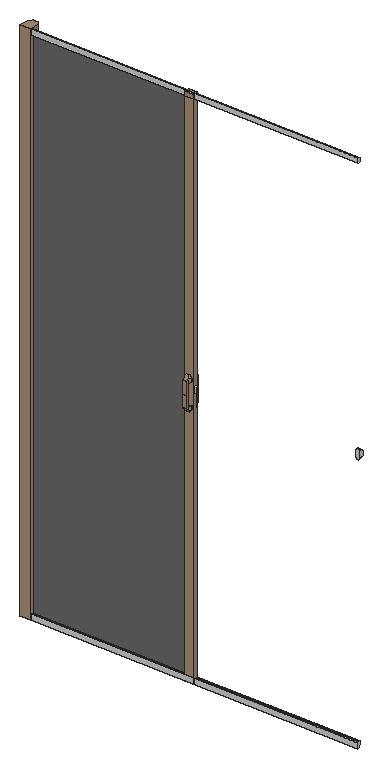
Revit family "Screen_Door_ProfessionalSeries_PhantomScreen", category Doors, host Wall, Revit 2015
Parameters (values of type "Type as Specified")
  URL = "http://www.phantomscreens.com/"
  Track Height = 0' - 0.931"
  Track Depth = 0' - 0.511"
  Specification = "http://www.phantomscreens.com/architects-designers/specifications-binder/"
  Slide Bar Width = 0' - 1.732"
  Slide Bar Depth = 0' - 0.866"
  Slide Bar = Dark Cherry
  Screen Thickness = 0' - 0 1/32"
  Screen = Phifer TuffScreen No-See-Um – Charcoal
  Sales Information = "http://www.phantomscreens.com/support/"
  Revision = "R1_08-2016"
  Product Properties = "http://www.phantomscreens.com/drive/uploads/2015/03/Phantom-Door-Design-Specification-Assembled-View.pdf"
  Product Data = "http://www.arcat.com/arcatcos/cos9540/arc40535.html"
  Percent Open [instance] = 50
  Model = "Professional Series"
  Manufacturer Website = "http://www.phantomscreens.com/"
  Manufacturer Phone - Toll Free = ""
  Manufacturer Phone = "604-855-3654"
  Manufacturer Fax = "604-855-7834"
  Manufacturer Address = "30451 Simpson Rd.; Abbotsford; BC; Canada V2T 6C7"
  Manufacturer = "Phantom Screens"
  Keynote = "08 11 00"
  Installation-Fabrication = "http://www.phantomscreens.com/architects-designers/options/"
  Housing Width = 0' - 1 7/8"
  Housing Depth = 0' - 2 49/64"
  Handle Width = 0' - 1.266"
  Handle Height = 0' - 6.031"
  Handle Depth = 0' - 0 109/128"
  Function = Interior
  Height = 8' - 0"
  Wall Closure = By host
  Width = 5' - 0"
  Drawn By = "Sumex Design - Robert S Weygant"
  Door Opening [instance] = Width * (Percent Open / 100)  # 2' - 6"
  Description = "Phantom Screens Professional Series Screen"
  Copyright = "� 2016 ARCAT Inc."
  Construction Details = "http://www.arcat.com/details/phantoms/95prod3445.html"
  Assembly Code = "B2020400"
  Aluminum Track = Aluminum - Flat
  Aluminum Housing = Dark Cherry
Reference planes (in)
  plane 1 "Center (Front/Back)": y = 0
  plane 2 "Center (Left/Right)": x = -7.25
  plane 3 "Top": z = 96
  plane 4 "Exterior": y = 3
  plane 5 "Interior": y = -3
  plane 6: x = -39.125
  plane 7: y = 5.76563
  plane 8: z = 96.931
  plane 9: z = 0.931
  plane 10: y = 3.511
  plane 11: y = 3.866
  plane 12: y = 3.47975
  plane 13: x = -8.982
  plane 14 "Track Bar": x = -7.25
  plane 15: x = -37.25
  plane 16: y = 3.4485
  plane 17: y = 4.71756
  plane 18: x = 22.75
  plane 19: z = 47.5
  plane 20: z = 50.5155
  plane 21: z = 44.4845
  plane 22: x = -8.24596
  plane 23: x = -7.19182
  plane 24: z = 49.15629
  plane 25: z = 47.35152
Forms (in)
  Extrusion 1, solid, material "Dark Cherry" <- "Aluminum Housing"
    sketch origin (0, 0, 0) x (1, 0, 0) y (0, 1, 0)
      loop
        line (-38.59494, 5.24881) -> (-39.125, 4.71875) -> (-39.125, 3) -> (-37.25, 3) -> (-37.25, 4.71875) -> (-37.78006, 5.24881) -> (-38.59494, 5.24881)
    from 0 to 96.931
  Extrusion 2, solid, material "Aluminum - Flat" <- "Aluminum Track"
    sketch origin (0, 0, 0) x (0, 1, 0) y (0, 0, 1)
      loop
        line (3.11249, 96.931) -> (3, 96.931) -> (3, 96) -> (3.11249, 96) -> (3.11249, 96.6029) -> (3.3979, 96.6029) -> (3.3979, 96) -> (3.511, 96) -> (3.511, 96.71477) -> (3.11249, 96.71477) -> (3.11249, 96.931)
    from -37.25 to 22.75
  Extrusion 3, solid, material "Aluminum - Flat" <- "Aluminum Track"
    sketch origin (0, 0, 0) x (0, 1, 0) y (0, 0, 1)
      loop
        line (3.511, 0.931) -> (3.386, 0.931) -> (3.386, 0.4365) -> (3.125, 0.4365) -> (3.125, 0.931) -> (3, 0.931) -> (3, 0) -> (3.125, 0) -> (3.125, 0.315) -> (3.511, 0.315) -> (3.511, 0.931)
    from -37.25 to 22.75
  Extrusion 4, solid, material "Dark Cherry" <- "Slide Bar"
    sketch origin (0, 0, 0) x (1, 0, 0) y (0, 1, 0)
      loop
        line (-8.982, 3.866) -> (-8.982, 3) -> (-7.25, 3) -> (-7.25, 3.64791) -> (-7.50991, 3.866) -> (-8.982, 3.866)
    from 0 to 96
  Extrusion 5, solid, material "Phifer TuffScreen No-See-Um – Charcoal" <- "Screen"
    sketch origin (0, 0, 0) x (1, 0, 0) y (0, 1, 0)
      loop
        line (-37.25, 3.47975) -> (-37.25, 3.4485) -> (-8.982, 3.4485) -> (-8.982, 3.47975) -> (-37.25, 3.47975)
    from 0.931 to 96
  Extrusion 6, solid
    sketch origin (-7.25, 0, 0) x (0, 1, 0) y (0, 0, 1)
      loop
        arc (3, 47.81869) -> (3.03288, 47.73932) -> (3.11225, 47.70644) r 0.11225
        line (3.11225, 47.70644) -> (3.29841, 47.70644)
        arc (3.29841, 47.70644) -> (3.37778, 47.73932) -> (3.41065, 47.81869) r 0.11225
        line (3.41065, 47.81869) -> (3.41065, 48.74389)
        arc (3.41065, 48.74389) -> (3.37778, 48.82327) -> (3.29841, 48.85614) r 0.11225
        line (3.29841, 48.85614) -> (3.11225, 48.85614)
        arc (3.11225, 48.85614) -> (3.03288, 48.82327) -> (3, 48.74389) r 0.11225
        line (3, 48.74389) -> (3, 47.81869)
      loop
        circle (3.20533, 48.55983) r 0.0627
      loop
        circle (3.20533, 48.00276) r 0.0627
    from 0 to 0.05818
Text (in)
  text "Exterior" at (-62.02911, 27.31104, 0), in view "Ref. Level"
  text "Interior" at (-62.02911, -25.14366, 0), in view "Ref. Level"
  text "Exterior" at (0, 40.15149, 123.01588), in view "Right"
  text "Interior" at (0, -64.39139, 123.01588), in view "Right"
  text "Interior" at (0, -31.01599, 123.00693), in view "Left"
  text "Exterior" at (0, 54.57065, 123.00693), in view "Left"
Dimensions and locks (in)
  "Height": level to plane 3 "Top"
  "Housing Depth": plane 4 "Exterior" to plane 7
  "Track Height": plane 3 "Top" to plane 8
  "Track Height": level to plane 9
  "Track Depth": plane 10 to plane 4 "Exterior"
  "Slide Bar Depth": plane 11 to plane 4 "Exterior"
  "Screen Thickness": plane 10 to plane 12
  "Slide Bar Width": plane 13 to plane 14 "Track Bar"
  equal spacing: plane 15, plane 2 "Center (Left/Right)", plane 18
  "Screen Thickness": plane 16 to plane 12
  "Width": plane 15 to plane 18
  "Housing Width": plane 6 to plane 15
  "Door Opening": plane 14 "Track Bar" to plane 18
  equal spacing: plane 21, plane 19, plane 20
  "Handle Height": plane 21 to plane 20
  locked: plane 14 "Track Bar" to plane 22 at 0.99596
  locked: plane 23 to plane 14 "Track Bar" at 0.05818
  locked: Extrusion 1 to Extrusion 1 at 2.24881
  aligned and locked: plane 4 "Exterior" to host wall
  aligned and locked: plane 5 "Interior" to host wall
  aligned and locked: plane 6 to Extrusion 1 sketch curve
  aligned and locked: Extrusion 1 to level
  aligned and locked: Extrusion 1 to plane 8
  aligned and locked: plane 8 to Extrusion 1
  aligned and locked: Extrusion 2 sketch curve to plane 8
  aligned and locked: Extrusion 2 sketch curve to plane 10
  aligned and locked: Extrusion 2 sketch curve to host wall
  aligned and locked: Extrusion 3 sketch curve to plane 9
  aligned and locked: Extrusion 3 sketch curve to plane 10
  aligned and locked: Extrusion 3 sketch curve to host wall
  aligned and locked: Extrusion 3 to plane 9  (x2)
  aligned and locked: Extrusion 2 to plane 10
  aligned and locked: plane 11 to Extrusion 4 sketch curve
  aligned and locked: plane 13 to Extrusion 4 sketch curve
  aligned and locked: Extrusion 4 sketch curve to plane 4 "Exterior"
  aligned and locked: Extrusion 4 sketch curve to plane 14 "Track Bar"
  aligned and locked: Extrusion 4 to level
  aligned and locked: Extrusion 4 to plane 3 "Top"
  aligned and locked: plane 12 to Extrusion 5 sketch curve
  aligned and locked: Extrusion 5 sketch curve to plane 15
  aligned and locked: plane 16 to Extrusion 5 sketch curve
  aligned and locked: Extrusion 5 sketch curve to plane 13
  aligned and locked: Extrusion 5 to plane 3 "Top"
  aligned and locked: Extrusion 5 to Extrusion 3
  aligned and locked: plane 18 to Extrusion 2  (x2)
  aligned and locked: Extrusion 3 to plane 18
  aligned and locked: Extrusion 3 to level
  aligned and locked: Extrusion 3 to plane 15
  aligned and locked: plane 3 "Top" to Extrusion 2
  aligned and locked: Extrusion 2 to plane 8  (x2)
  aligned and locked: plane 15 to Extrusion 2
  aligned and locked: Extrusion 1 sketch curve to plane 4 "Exterior"
  aligned and locked: plane 22 to nested 1
  aligned and locked: plane 11 to nested 1
  aligned and locked: nested 2 to plane 22
  aligned and locked: nested 2 to Extrusion 4
  aligned and locked: plane 20 to nested 1
  aligned and locked: plane 20 to nested 2
  aligned and locked: plane 21 to nested 1
  aligned and locked: plane 21 to nested 2
  aligned and locked: nested 3 to Extrusion 4
  aligned and locked: nested 3 to plane 14 "Track Bar"
  aligned and locked: nested 3 to plane 13
  aligned and locked: Extrusion 6 sketch curve to Extrusion 4
  aligned and locked: Extrusion 6 to Extrusion 4
  aligned and locked: plane 23 to Extrusion 6
  aligned and locked: nested 4 to plane 24  (x2)
  aligned and locked: plane 18 to nested 4
  aligned and locked: plane 4 "Exterior" to nested 4
  aligned and locked: nested 3 to plane 11
  aligned and locked: plane 4 "Exterior" to nested 3
Automatic sketch dimensions
  Extrusion 4 sketch curve to plane 10 = 0' - 0.13691"
  Extrusion 4 sketch curve to Extrusion 4 sketch curve = 0' - 0.25991"
  plane 6 to Extrusion 1 sketch curve = 0' - 0.53006"
  Extrusion 1 sketch curve to plane 7 = 0' - 1 3/64"  (x2)
  plane 15 to Extrusion 1 sketch curve = 0' - 0.53006"
  plane 3 "Top" to Extrusion 2 sketch curve = 0' - 0"  (x2)
  host wall to Extrusion 2 sketch curve = 0' - 0.11249"  (x2)
  Extrusion 2 sketch curve to plane 16 = 0' - 0.0506"
  plane 8 to Extrusion 2 sketch curve = 0' - 0.3281"
  Extrusion 2 sketch curve to Extrusion 2 sketch curve = 0' - 0.11187"
  plane 9 to Extrusion 3 sketch curve = 0' - 0"
  host wall to Extrusion 3 sketch curve = 0' - 0 1/8"
  Extrusion 3 sketch curve to Extrusion 3 sketch curve = 0' - 0"
  Extrusion 3 sketch curve to plane 16 = 0' - 0 1/16"
  Extrusion 3 sketch curve to Extrusion 3 sketch curve = 0' - 0.1215"
  level to Extrusion 3 sketch curve = 0' - 0.315"
  Extrusion 1 sketch curve to plane 15 = 0' - 0"
  Extrusion 3 sketch curve to level = 0' - 0"
  host wall to Extrusion 6 sketch curve = 0' - 0.11225"
  Extrusion 6 sketch curve to Extrusion 6 sketch curve = 0' - 0.11225"
  host wall to Extrusion 6 sketch curve = 0' - 0.20533"  (x2)
  Extrusion 6 sketch curve to plane 16 = 0' - 0.15009"  (x2)
  Extrusion 6 sketch curve to plane 16 = 0' - 0.03785"
  Extrusion 6 sketch curve to plane 19 = 0' - 0.20644"
  Extrusion 6 sketch curve to Extrusion 6 sketch curve = 0' - 0.18406"  (x2)
  Extrusion 6 sketch curve to Extrusion 6 sketch curve = 0' - 0.55707"
  Extrusion 6 sketch curve to Extrusion 6 sketch curve = 0' - 0"
  Extrusion 1 sketch curve to plane 17 = 0' - 0 17/32"
  radius of Extrusion 6 sketch curve = 0' - 0.0627"  (x2)
Nested families (in)
  nested 1: "Handle Family" at (-8.24596, 4.29178, 47.5) x (-1, 0, 0) z (0, 0, 1), type "Handle Family"
    with Width 0' - 1.266", Height 0' - 6.031", Depth 0' - 0 109/128"
  nested 2: "Handle Family" at (-8.24596, 2.57422, 47.5), type "Handle Family"
    with Width 0' - 1.266", Height 0' - 6.031", Depth 0' - 0 109/128"
  nested 3: "End Caps" at (-8.21484, 3.1714, 96), type "End Caps"
  nested 4: "Magnetic Latch" at (22.75, 3.3125, 47.40629) x (-1, 0, 0) z (0, 0, 1), type "Magnetic Latch"
Definition of nested family "Handle Family"
  Parameters
    Width = 0' - 1 3/8"
    Height = 0' - 6 1/32"
    Handle = none
    Depth = 0' - 1"
  Reference planes (in)
    plane 1 "Center (Front/Back)": y = 0
    plane 2: z = 0
    plane 3 "Center (Left/Right)": x = 0
    plane 4: y = 0.5
    plane 5: x = 0.6875
    plane 6: y = -0.5
    plane 7: x = -0.6875
    plane 8: z = 3.01562
    plane 9: z = -3.01563
  Forms (in)
    Extrusion 1, solid, material <- "Handle"
      sketch origin (0, 0, 0) x (0, 1, 0) y (0, 0, 1)
        loop
          line (0.5, 3.01562) -> (0.25, 3.01562) -> (-0.5, 2.26562) -> (-0.5, 0) -> (-0.5, -2.26563) -> (0.25, -3.01563) -> (0.5, -3.01563) -> (0.5, -2.01563) -> (0, -2.01563) -> (-0.17678, -1.83885) -> (-0.17678, 0) -> (-0.17678, 1.83885) -> (0, 2.01562) -> (0.5, 2.01562) -> (0.5, 3.01562)
      from -0.6875 to 0.6875
    Extrusion 2, void
      sketch origin (0, 0, 0) x (1, 0, 0) y (0, 1, 0)
        loop
          line (-0.6875, 0.25) -> (-0.6875, -0.5) -> (-0.32322, -0.5) -> (-0.32322, -0.25861) -> (-0.6875, 0.25)
        loop
          line (0.32322, -0.25861) -> (0.32322, -0.5) -> (0.6875, -0.5) -> (0.6875, 0.25) -> (0.32322, -0.25861)
      from -3.01562 to 3.01562
    Extrusion 3, void
      sketch origin (0, 0, 0) x (1, 0, 0) y (0, 0, 1)
        loop
          line (-0.6875, 2.51563) -> (-0.25, 3.01563) -> (-0.6875, 3.01563) -> (-0.6875, 2.51563)
        loop
          line (0.6875, 2.51563) -> (0.6875, 3.01562) -> (0.25, 3.01562) -> (0.6875, 2.51563)
        loop
          line (-0.6875, -2.51562) -> (-0.6875, -3.01562) -> (-0.25, -3.01562) -> (-0.6875, -2.51562)
        loop
          line (0.6875, -2.51562) -> (0.25, -3.01562) -> (0.6875, -3.01562) -> (0.6875, -2.51562)
      from -0.5 to 0.5
  Cuts and joins
    Extrusion 2, Extrusion 3 cuts Extrusion 1
  Dimensions and locks (in)
    equal spacing: plane 7, plane 3 "Center (Left/Right)", plane 5
    equal spacing: plane 6, plane 1 "Center (Front/Back)", plane 4
    "Depth": plane 6 to plane 4
    "Width": plane 7 to plane 5
    equal spacing: plane 8, level, plane 9
    "Height": plane 8 to plane 9
    plane 1 "Center (Front/Back)" to Extrusion 1 = 0' - 0 1/2"
    aligned and locked: plane 2 to level
    aligned and locked: plane 7 to Extrusion 1
    aligned and locked: plane 5 to Extrusion 1
    aligned and locked: Extrusion 2 sketch curve to plane 6
    aligned and locked: plane 6 to Extrusion 2 sketch curve
    aligned and locked: plane 5 to Extrusion 2 sketch curve
    aligned and locked: Extrusion 2 sketch curve to plane 7
    aligned and locked: Extrusion 2 to plane 9
    aligned and locked: plane 8 to Extrusion 2
    aligned and locked: plane 4 to Extrusion 3
    aligned and locked: plane 6 to Extrusion 3
  Automatic sketch dimensions
    Extrusion 1 sketch curve to level = 0' - 0"  (x2)
    Extrusion 1 sketch curve to plane 1 "Center (Front/Back)" = 0' - 0"  (x2)
    Extrusion 1 sketch curve to plane 8 = 0' - 0"
    Extrusion 1 sketch curve to plane 4 = 0' - 0"  (x2)
    plane 1 "Center (Front/Back)" to Extrusion 1 sketch curve = 0' - 0.17678"
    Extrusion 1 sketch curve to Extrusion 1 sketch curve = 0' - 0 1/4"
    Extrusion 1 sketch curve to Extrusion 1 sketch curve = 0' - 1"
    Extrusion 1 sketch curve to Extrusion 1 sketch curve = 0' - 0.17678"  (x2)
    Extrusion 1 sketch curve to plane 8 = 0' - 1.17678"
    Extrusion 1 sketch curve to Extrusion 1 sketch curve = 0' - 0.42678"
    Extrusion 1 sketch curve to plane 9 = 0' - 0"
    Extrusion 1 sketch curve to plane 1 "Center (Front/Back)" = 0' - 0 1/4"
    plane 9 to Extrusion 1 sketch curve = 0' - 0 3/4"
    Extrusion 1 sketch curve to plane 6 = 0' - 0"
    Extrusion 2 sketch curve to plane 3 "Center (Left/Right)" = 0' - 0.32322"
    plane 3 "Center (Left/Right)" to Extrusion 2 sketch curve = 0' - 0.32322"
    plane 1 "Center (Front/Back)" to Extrusion 2 sketch curve = 0' - 0.25861"
    Extrusion 2 sketch curve to plane 1 "Center (Front/Back)" = 0' - 0 1/4"  (x2)
    Extrusion 2 sketch curve to Extrusion 2 sketch curve = 0' - 0.24139"
    plane 7 to Extrusion 3 sketch curve = 0' - 0"  (x2)
    Extrusion 3 sketch curve to plane 8 = 0' - 0"  (x2)
    Extrusion 3 sketch curve to plane 9 = 0' - 0"  (x2)
    Extrusion 3 sketch curve to plane 5 = 0' - 0"  (x2)
    Extrusion 3 sketch curve to plane 3 "Center (Left/Right)" = 0' - 0 1/4"  (x2)
    plane 3 "Center (Left/Right)" to Extrusion 3 sketch curve = 0' - 0 1/4"  (x2)
    plane 9 to Extrusion 3 sketch curve = 0' - 0 1/2"
    Extrusion 3 sketch curve to Extrusion 3 sketch curve = 0' - 0 1/2"
    Extrusion 3 sketch curve to plane 8 = 0' - 0 1/2"  (x2)
Definition of nested family "End Caps"
  Parameters
    End Caps = none
  Reference planes (in)
    plane 1 "Center (Front/Back)": y = 0
    plane 2: z = 0
    plane 3 "Center (Left/Right)": x = 0
    plane 4: y = 0.6946
    plane 5: x = 0.96484
    plane 6: y = -0.1714
    plane 7: x = -0.76716
    plane 8: z = 0.75
  Forms (in)
    Extrusion 1, solid, material <- "End Caps"
      sketch origin (0, 0, 0) x (1, 0, 0) y (0, 1, 0)
        loop
          line (-0.76716, 0.6946) -> (-0.76716, -0.1714) -> (0.96484, -0.1714) -> (0.96484, 0.47651) -> (0.70493, 0.6946) -> (-0.76716, 0.6946)
      from 0 to 0.75
  Lines and regions (in)
    model lines
      curve 1: line (-0.76716, 0.6946, 0) -> (0.70493, 0.6946, 0)
      curve 2: line (-0.76716, -0.1714, 0) -> (-0.76716, 0.6946, 0)
      curve 3: line (0.96484, -0.1714, 0) -> (-0.76716, -0.1714, 0)
      curve 4: line (0.96484, 0.47651, 0) -> (0.96484, -0.1714, 0)
      curve 5: line (0.96484, 0.47651, 0) -> (0.70493, 0.6946, 0)
  Dimensions and locks (in)
    aligned and locked: plane 2 to level
    aligned and locked: plane 8 to Extrusion 1
Definition of nested family "Magnetic Latch"
  Parameters
    Width = 0' - 0 5/8"
    Magnetic Latch = none
    Height = 0' - 1 3/4"
    Depth = 0' - 0 5/8"
  Reference planes (in)
    plane 1 "Center (Front/Back)": y = 0
    plane 2: z = 0
    plane 3 "Center (Left/Right)": x = 0
    plane 4: y = 0.3125
    plane 5: x = 0.3125
    plane 6: y = -0.3125
    plane 7: x = -0.3125
    plane 8: z = 1.75
    plane 9: z = 0.875
  Forms (in)
    Extrusion 1, solid, material <- "Magnetic Latch"
      sketch origin (0, 0, 0) x (1, 0, 0) y (0, 0, 1)
        loop
          line (-0.13921, 1.75) -> (-0.3125, 1.44985) -> (-0.3125, 0.30015) -> (-0.13921, 0) -> (0.13921, 0) -> (0.3125, 0.30015) -> (0.3125, 1.44985) -> (0.13921, 1.75) -> (-0.13921, 1.75)
      from -0.3125 to 0.3125
    Extrusion 2, void
      sketch origin (0, 0, 0) x (0, 1, 0) y (0, 0, 1)
        loop
          line (0.08177, 1.75) -> (-0.3125, 1.75) -> (-0.3125, 1.26184) -> (0.08177, 1.75)
        loop
          line (0.08177, 0) -> (-0.3125, 0.48816) -> (-0.3125, 0) -> (0.08177, 0)
      from -0.3125 to 0.3125
  Cuts and joins
    Extrusion 2 cuts Extrusion 1
  Dimensions and locks (in)
    equal spacing: plane 7, plane 3 "Center (Left/Right)", plane 5
    equal spacing: plane 4, plane 1 "Center (Front/Back)", plane 6
    "Depth": plane 7 to plane 5
    "Width": plane 4 to plane 6
    equal spacing: plane 8, plane 9, level
    "Height": plane 8 to level
    aligned and locked: plane 2 to level
    aligned and locked: Extrusion 1 sketch curve to plane 8
    aligned and locked: Extrusion 1 sketch curve to plane 7
    aligned and locked: level to Extrusion 1 sketch curve
    aligned and locked: Extrusion 1 sketch curve to plane 5
    aligned and locked: plane 4 to Extrusion 1
    aligned and locked: plane 6 to Extrusion 1
    aligned and locked: plane 7 to cut or joined group of Extrusion 1, Extrusion 2
    aligned and locked: plane 5 to Extrusion 2
  Automatic sketch dimensions
    Extrusion 1 sketch curve to plane 3 "Center (Left/Right)" = 0' - 0.13921"  (x2)
    plane 3 "Center (Left/Right)" to Extrusion 1 sketch curve = 0' - 0.13921"  (x2)
    level to Extrusion 1 sketch curve = 0' - 0.30015"  (x2)
    Extrusion 1 sketch curve to plane 8 = 0' - 0.30015"  (x2)
    Extrusion 2 sketch curve to level = 0' - 0"
    Extrusion 2 sketch curve to plane 6 = 0' - 0"  (x2)
    Extrusion 2 sketch curve to plane 8 = 0' - 0"
    Extrusion 2 sketch curve to plane 1 "Center (Front/Back)" = 0' - 0.08177"  (x2)
    level to Extrusion 2 sketch curve = 0' - 0.48816"
    Extrusion 2 sketch curve to Extrusion 2 sketch curve = 0' - 0.48816"
